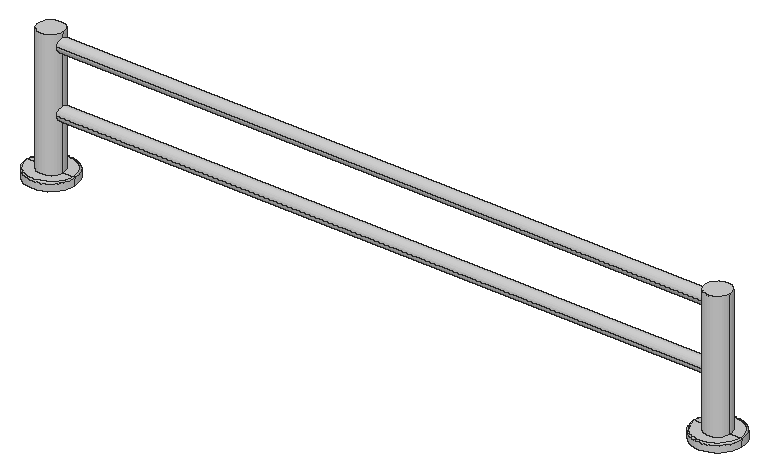
Revit family "LIANO II DOUBLE TOWEL RAIL 640MM", category Specialty Equipment, host Face, Revit 2020
Family settings
  Host = Face
  Round Connector Dimension = Use Radius
  Part Type = Normal
  OmniClass Number = 23.40.20.21.27
  OmniClass Title = Towel Bars
  Cut with Voids When Loaded = No
  Shared = No
  Room Calculation Point = No
Parameters (values of type "LIANO II DOUBLE TOWEL RAIL 640MM - CHROME")
  URL = "https://www.caroma.com.au/"
  Model = "96447C"
  Material_Base = GWA_Metal-Chrome
  Manufacturer = "GWA Bathrooms & Kitchens"  # constant formula
  Description = "LIANO II DOUBLE TOWEL RAIL 640MM - CHROME"
  Default Elevation = 1000.00 mm
  CreatedBy_ANZRS = "GWA Bathrooms & Kitchens"  # constant formula
  Assembly Code = "C1030220"
Types (7, lengths in mm): name | Model | Material_Base | Description
  (no name) | "96447C" | GWA_Metal-Chrome | "LIANO II DOUBLE TOWEL RAIL 640MM - CHROME"
  LIANO II DOUBLE TOWEL RAIL 640MM - CHROME | "96447C" | GWA_Metal-Chrome | "LIANO II DOUBLE TOWEL RAIL 640MM - CHROME"
  LIANO II DOUBLE TOWEL RAIL 640MM - MATTE BLACK | "96447B" | GWA-Metal-Black | "LIANO II DOUBLE TOWEL RAIL 640MM - MATTE BLACK"
  LIANO II DOUBLE TOWEL RAIL 640MM - BRUSHED NICKEL | "96447BN" | GWA_Metal-Brushed-Nickel | "LIANO II DOUBLE TOWEL RAIL 640MM - BRUSHED NICKEL"
  LIANO II DOUBLE TOWEL RAIL 640MM - BRUSHED BRASS | "96447BB" | GWA_Metal-Brushed-Brass | "LIANO II DOUBLE TOWEL RAIL 640MM - BRUSHED BRASS"
  LIANO II DOUBLE TOWEL RAIL 640MM - GUNMETAL | "96447GM" | GWA-Metal-Gunmetal Grey | "LIANO II DOUBLE TOWEL RAIL 640MM - GUNMETAL"
  LIANO II DOUBLE TOWEL RAIL 640MM - BRUSHED BRONZE | "96447BBZ" | GWA_Metal-Brushed-Bronze | "LIANO II DOUBLE TOWEL RAIL 640MM - BRUSHED BRONZE"
Reference planes
  plane 1 "Center (Front/Back)": y = 0
  plane 2: z = 0
  plane 3 "Center (Left/Right)": x = 0
Forms (mm)
  Revolve 1, solid, material "GWA_Metal-Chrome" <- "Material_Base"
    sketch origin (300, 0, 0) x (1, 0, 0) y (0, 0, 1)
      loop
        line (0, 7) -> (0, 0) -> (21.5, 0) -> (21.5, 6)
        arc (21.5, 6) -> (21.207, 6.707) -> (20.5, 7) r 1
        line (20.5, 7) -> (0, 7)
      axis (0, 0) -> (0, 7)
    angle from 0 to 360
  Extrusion 2, solid, material "GWA_Metal-Chrome" <- "Material_Base"
    sketch origin (300, 0, 0) x (1, 0, 0) y (0, 1, 0)
      loop
        circle (0, 0) r 11
    from 0 to 120
  Revolve 3, solid, material "GWA_Metal-Chrome" <- "Material_Base"
    sketch origin (-300, 0, 0) x (1, 0, 0) y (0, 0, 1)
      loop
        line (0, 7) -> (0, 0) -> (21.5, 0) -> (21.5, 6)
        arc (21.5, 6) -> (21.207, 6.707) -> (20.5, 7) r 1
        line (20.5, 7) -> (0, 7)
      axis (0, 0) -> (0, 7)
    angle from 0 to 360
  Extrusion 4, solid, material "GWA_Metal-Chrome" <- "Material_Base"
    sketch origin (-300, 0, 0) x (1, 0, 0) y (0, 1, 0)
      loop
        circle (0, 0) r 11
    from 0 to 120
  Extrusion 5, solid, material "GWA_Metal-Chrome" <- "Material_Base"
    sketch origin (0, 0, -10) x (0, 1, 0) y (0, 0, 1)
      loop
        circle (0, 65) r 6
    from -300 to 300
  Extrusion 6, solid, material "GWA_Metal-Chrome" <- "Material_Base"
    sketch origin (0, 0, 45) x (0, 1, 0) y (0, 0, 1)
      loop
        circle (0, 65) r 6
    from -300 to 300
Cuts and joins
  joined: Revolve 1, Extrusion 2, Revolve 3, Extrusion 4, Extrusion 5, Extrusion 6
Lines and regions (mm)
  Masking region 1
    outline origin (0, 0, 0) x (1, 0, 0) y (0, 1, 0)
      loop
        arc (279.354, -6) -> (321.5, 0) -> (279.354, 6) r 21.5
        line (279.354, 6) -> (-279.354, 6)
        arc (-279.354, 6) -> (-321.5, 0) -> (-279.354, -6) r 21.5
        line (-279.354, -6) -> (279.354, -6)
  Masking region 2
    outline origin (0, 0, 0) x (1, 0, 0) y (0, 0, 1)
      loop
        line (320.5, 7) -> (311, 7) -> (311, 120) -> (289, 120) -> (289, 116) -> (-289, 116) -> (-289, 120) -> (-311, 120) -> (-311, 7) -> (-320.5, 7)
        arc (-320.5, 7) -> (-321.207, 6.707) -> (-321.5, 6) r 1
        line (-321.5, 6) -> (-321.5, 0) -> (-278.5, 0) -> (-278.5, 6)
        arc (-278.5, 6) -> (-278.793, 6.707) -> (-279.5, 7) r 1
        line (-279.5, 7) -> (-289, 7) -> (-289, 49) -> (289, 49) -> (289, 7) -> (279.5, 7)
        arc (279.5, 7) -> (278.793, 6.707) -> (278.5, 6) r 1
        line (278.5, 6) -> (278.5, 0) -> (321.5, 0) -> (321.5, 6)
        arc (321.5, 6) -> (321.207, 6.707) -> (320.5, 7) r 1
      loop
        line (289, 61) -> (289, 104) -> (-289, 104) -> (-289, 61) -> (289, 61)
  Masking region 3
    outline origin (300, 0, 0) x (0, 1, 0) y (0, 0, 1)
      loop
        line (11, 7) -> (11, 120) -> (-11, 120) -> (-11, 7) -> (-20.5, 7)
        arc (-20.5, 7) -> (-21.207, 6.707) -> (-21.5, 6) r 1
        line (-21.5, 6) -> (-21.5, 0) -> (21.5, 0) -> (21.5, 6)
        arc (21.5, 6) -> (21.207, 6.707) -> (20.5, 7) r 1
        line (20.5, 7) -> (11, 7)
  symbolic lines
    curve 1: arc (-279.354, 6, 0) -> (-321.5, 0, 0) -> (-279.354, -6, 0) r 21.5
    curve 2: arc (279.354, -6, 0) -> (321.5, 0, 0) -> (279.354, 6, 0) r 21.5
    curve 3: circle (-300, 0, 0) r 11 normal (0, 0, 1)
    curve 4: circle (300, 0, 0) r 11 normal (0, 0, 1)
    curve 5: line (290.78, 6, 0) -> (-290.78, 6, 0)
    curve 6: line (290.78, -6, 0) -> (-290.78, -6, 0)
    curve 7: line (321.5, 0, 0) -> (321.5, 0, 6)
    curve 8: line (320.5, 0, 7) -> (279.5, 0, 7)
    curve 9: line (278.5, 0, 0) -> (278.5, 0, 6)
    curve 10: line (278.5, 0, 0) -> (321.5, 0, 0)
    curve 11: line (311, 0, 120) -> (289, 0, 120)
    curve 12: line (289, 0, 120) -> (289, 0, 116)
    curve 13: line (311, 0, 120) -> (311, 0, 7)
    curve 14: line (289, 0, 49) -> (-289, 0, 49)
    curve 15: line (289, 0, 61) -> (-289, 0, 61)
    curve 16: arc (321.5, 0, 6) -> (321.207, 0, 6.707) -> (320.5, 0, 7) r 1
    curve 17: arc (279.5, 0, 7) -> (278.793, 0, 6.707) -> (278.5, 0, 6) r 1
    curve 18: arc (289, 0, 61) -> (290.78, 0, 55) -> (289, 0, 49) r 11
    curve 19: line (-321.5, 0, 0) -> (-321.5, 0, 6)
    curve 20: line (-320.5, 0, 7) -> (-279.5, 0, 7)
    curve 21: line (-278.5, 0, 0) -> (-278.5, 0, 6)
    curve 22: line (-278.5, 0, 0) -> (-321.5, 0, 0)
    curve 23: line (-311, 0, 120) -> (-289, 0, 120)
    curve 24: line (-289, 0, 120) -> (-289, 0, 116)
    curve 25: line (-311, 0, 120) -> (-311, 0, 7)
    curve 26: arc (-321.5, 0, 6) -> (-321.207, 0, 6.707) -> (-320.5, 0, 7) r 1
    curve 27: arc (-279.5, 0, 7) -> (-278.793, 0, 6.707) -> (-278.5, 0, 6) r 1
    curve 28: arc (-289, 0, 61) -> (-290.78, 0, 55) -> (-289, 0, 49) r 11
    curve 29: line (289, 0, 49) -> (289, 0, 7)
    curve 30: line (-289, 0, 49) -> (-289, 0, 7)
    curve 31: line (300, -21.5, 0) -> (300, 21.5, 0)
    curve 32: line (300, 21.5, 0) -> (300, 21.5, 6)
    curve 33: line (300, 20.5, 7) -> (300, -20.5, 7)
    curve 34: line (300, -21.5, 6) -> (300, -21.5, 0)
    curve 35: line (300, -11, 120) -> (300, 11, 120)
    curve 36: line (300, 11, 120) -> (300, 11, 7)
    curve 37: line (300, -11, 120) -> (300, -11, 7)
    curve 38: arc (300, -21.5, 6) -> (300, -21.207, 6.707) -> (300, -20.5, 7) r 1
    curve 39: arc (300, 20.5, 7) -> (300, 21.207, 6.707) -> (300, 21.5, 6) r 1
    curve 40: line (289, 0, 104) -> (-289, 0, 104)
    curve 41: line (289, 0, 116) -> (-289, 0, 116)
    curve 42: arc (289, 0, 116) -> (290.78, 0, 110) -> (289, 0, 104) r 11
    curve 43: arc (-289, 0, 116) -> (-290.78, 0, 110) -> (-289, 0, 104) r 11
    curve 44: line (-289, 0, 104) -> (-289, 0, 61)
    curve 45: line (289, 0, 104) -> (289, 0, 61)
Dimensions and locks
  aligned and locked: plane 2 to host face
  aligned and locked: level to host face
